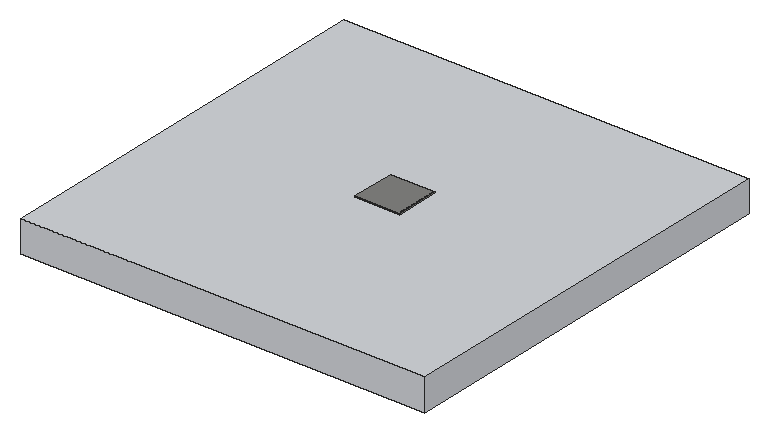
Revit family "Hydrant_Wall_Narrow-Zurn-Z1325-Encased Vari-Temp", category Plumbing Fixtures, host Face, Revit 2022
Family settings
  Host = Face
  Round Connector Dimension = Use Radius
  Part Type = Normal
  OmniClass Number = 23.65.70.14.11.11
  OmniClass Title = Security Drinking Fountains/Coolers
  Cut with Voids When Loaded = No
  Maintain Annotation Orientation = No
  Shared = No
  Room Calculation Point = No
Parameters (values of type "Load Family Type Catalog")
  Width = 10.500"  # constant formula
  Waste Connection = 1 = 0  # no
  Wall Thickness = 10.000"
  WFU = 0  # constant formula
  Vent Connection = 1 = 0  # no
  Vacuum Breaker = Brass - Zurn - Polished
  URL = "www.zurn.com"
  Type Comments = "Z1325 - 10 Inch Wall Hydrant with 1 Inch Male Inlet"
  Product data url = "https://www.zurn.com/products/drainage-interceptors/hydrants-and-water-hammer-arrestors/z1325"
  Product Page URL = "https://www.bimobject.com/en/zurnindustries/product/zurn-z1325"
  Product Installation Sheet URL = "https://files.zurn.com/care-cleaning-install-warranty-sheets/zmktg210-15_z1325_prop65.pdf"
  Product Documentation Link = "https://files.zurn.com/spec-sheets/z1325.pdf"
  Piping = Copper - Zurn - ASTM B88 Type L - Seamless Water Tube
  Modified Date = "10/10/2025"  # constant formula
  Model = "Z1325"  # constant formula
  Manufacturer Brand = "Zurn"  # constant formula
  Manufacturer = "Zurn Water, LLC"  # constant formula
  Housing = Bronze - Zurn - Polished
  Height = 10.500"  # constant formula
  HWFU = 1  # constant formula
  HW Connection = 1 = 1  # yes
  Female And Male Inlet Radius = 0.658"
  Description = "Wall Hydrant, Encased Vari-Temp, Non-Freeze"  # constant formula
  Default Elevation = 25.000"  # constant formula
  Date Created = "01/14/ 2021 "  # constant formula
  CWFU = 1  # constant formula
  CW Connection = 1 = 1  # yes
  Box and Cover = Bronze - Zurn - Polished Nickel
  Assembly Code = "D2020100"
  Female and Male Inlet Connector = 0.500"
  Approx.Wt. Lbs. = 31.000"
  3/4 Inch Hose Connection Radius = 0.375"  # constant formula
Reference planes (in)
  plane 1 "Center (Front/Back)": y = 0
  plane 2: z = -4.4375
  plane 3 "Center (Left/Right)": x = 0
  plane 4: x = -5.25
  plane 5: x = 5.25
  plane 6: y = 5.25
  plane 7: y = -5.25
  plane 8 "Face": z = -4.1875
  plane 9: z = -14.1875
  plane 10: z = -9.875
  plane 11: x = -0.688
  plane 12: x = 0.688
  plane 13 "Back Side": z = -7.875
  plane 14: z = -16.9375
  plane 15: x = 0.525
  plane 16: x = -0.525
  plane 17: z = -15.8125
  plane 18: x = -4.875
  plane 19: x = 4.875
  plane 20: y = 4.875
  plane 21: y = -4.875
  plane 22: y = -1.625
  plane 23 "Outlet plane": y = 0.375
  plane 24: y = 4.4375
  plane 25: x = -3.75
  plane 26: x = 3.75
  plane 27: y = 2.75
  plane 28: y = -4.5
  plane 29: x = -4.5
  plane 30: x = 4.5
  plane 31: z = -6.375
  plane 32: z = -5.6875
  plane 33 "Hot Water": x = -2
  plane 34 "Cold Water": x = 2
  plane 35: z = -5.625
  plane 36: y = -1.1
  plane 37: y = -2.15
  plane 38: y = -1.1
  plane 39: y = -2.15
  plane 40: x = 0.75
  plane 41: x = 2.90392
  plane 42: y = 1.033
  plane 43: y = -0.283
  plane 44: y = 1.033
  plane 45: y = -0.283
  plane 46: x = 1.342
  plane 47: x = 2.658
  plane 48: x = -2.658
  plane 49: x = -1.342
Forms (in)
  Extrusion 1, solid
    sketch origin (-0.75, -2.25, 0) x (1, 0, 0) y (0, 1, 0)
      loop
        line (-48, 48) -> (-48, -48) -> (48, -48) -> (48, 48) -> (-48, 48)
    from -4.4375 to -12
  Extrusion 2, solid, material "Bronze - Zurn - Polished Nickel" <- "Box and Cover", detail levels fine
    sketch origin (0, 0, 0) x (1, 0, 0) y (0, 1, 0)
      loop
        line (-5.25, 5.25) -> (-5.25, -5.25) -> (5.25, -5.25) -> (5.25, 5.25) -> (-5.25, 5.25)
    from -4.4375 to -4.1875
  Extrusion 3, solid, material "Bronze - Zurn - Polished Nickel" <- "Box and Cover", detail levels fine
    sketch origin (0, 0, 0) x (1, 0, 0) y (0, 1, 0)
      loop
        line (-4.875, 4.875) -> (-4.875, -4.875) -> (4.875, -4.875) -> (4.875, 4.875) -> (-4.875, 4.875)
    from -4.4375 to -7.875
  Extrusion 4, solid, material "Bronze - Zurn - Polished" <- "Housing", detail levels fine
    sketch origin (0, 0, 0) x (1, 0, 0) y (0, 1, 0)
      loop
        circle (-2, 0.375) r 0.6875
      loop
        circle (2, 0.375) r 0.6875
    from -6.375 to -9.875
  Extrusion 5, solid, material "Copper - Zurn - ASTM B88 Type L - Seamless Water Tube" <- "Piping", detail levels fine
    sketch origin (0, 0, 0) x (1, 0, 0) y (0, 1, 0)
      loop
        circle (-2, 0.375) r 0.5625
      loop
        circle (2, 0.375) r 0.5625
    from -9.875 to -14.1875
  Extrusion 6, solid, material "Bronze - Zurn - Polished" <- "Housing", detail levels fine
    sketch origin (0, 0, 0) x (1, 0, 0) y (0, 1, 0)
      loop
        circle (-2, 0.375) r 0.6875
      loop
        circle (2, 0.375) r 0.6875
    from -14.1875 to -15.8125
  Extrusion 7, solid, material "Bronze - Zurn - Polished" <- "Housing", detail levels fine
    sketch origin (0, 0, 0) x (1, 0, 0) y (0, 1, 0)
      loop
        circle (-2, 0.375) r 0.658
      loop
        circle (2, 0.375) r 0.658
    from -15.8125 to -16.9375
  Extrusion 8, solid, material "Bronze - Zurn - Polished" <- "Housing", detail levels fine
    sketch origin (0, 0, -4.1875) x (-1, 0, 0) y (0, -1, 0)
      loop
        circle (0, 1.625) r 0.525
    from -2.1875 to -1.4375
Cuts and joins
  joined: Extrusion 6, Extrusion 7
  joined: Extrusion 2, Extrusion 3
Lines and regions (in)
  Masking region 1, detail levels fine
    outline origin (0, 0.375, 0) x (-1, 0, 0) y (0, 0, 1)
      loop
        line (5.25, -4.1875) -> (-5.25, -4.1875) -> (-5.25, -4.4375) -> (-4.875, -4.4375) -> (-4.875, -7.875) -> (-2.84117, -7.875) -> (-2.84117, -9.875) -> (-2.6955, -9.875) -> (-2.6955, -14.1875) -> (-2.8205, -14.1875) -> (-2.8205, -15.8125) -> (-2.658, -15.8125) -> (-2.658, -16.9375) -> (-1.342, -16.9375) -> (-1.342, -15.8125) -> (-1.1795, -15.8125) -> (-1.1795, -14.1875) -> (-1.3045, -14.1875) -> (-1.3045, -9.875) -> (-1.15883, -9.875) -> (-1.15883, -7.875) -> (1.15883, -7.875) -> (1.15883, -9.875) -> (1.3045, -9.875) -> (1.3045, -14.1875) -> (1.1795, -14.1875) -> (1.1795, -15.8125) -> (1.342, -15.8125) -> (1.342, -16.9375) -> (2.658, -16.9375) -> (2.658, -15.8125) -> (2.8205, -15.8125) -> (2.8205, -14.1875) -> (2.6955, -14.1875) -> (2.6955, -9.875) -> (2.84117, -9.875) -> (2.84117, -7.875) -> (4.875, -7.875) -> (4.875, -4.4375) -> (5.25, -4.4375) -> (5.25, -4.1875)
  model lines, detail levels fine
    curve 1: line (0, -1.625, -5.6875) -> (0, -1.625, -6.375)
    curve 2: line (5.25, 5.25, -4.1875) -> (-5.25, 5.25, -4.1875)
  model lines, detail levels coarse+medium
    curve 3: line (5.25, 5.25, -4.1875) -> (-5.25, 5.25, -4.1875)
    curve 4: line (5.25, -5.25, -4.1875) -> (5.25, 5.25, -4.1875)
    curve 5: line (-5.25, -5.25, -4.1875) -> (5.25, -5.25, -4.1875)
    curve 6: line (-5.25, 5.25, -4.1875) -> (-5.25, -5.25, -4.1875)
    curve 7: line (-2, 0.375, -6.375) -> (2, 0.375, -6.375)
    curve 8: line (-2, 0.375, -6.375) -> (-2, 0.375, -16.9375)
    curve 9: line (2, 0.375, -6.375) -> (2, 0.375, -16.9375)
    curve 10: line (0, -1.1, -5.625) -> (0, -2.15, -5.625)
    curve 11: line (-0.525, -1.625, -5.625) -> (0.525, -1.625, -5.625)
    curve 12: line (0, -1.625, -5.625) -> (0, -1.625, -6.375)
    curve 13: line (0, 0.375, -6.375) -> (0, -1.625, -6.375)
    curve 14: line (-2, 1.033, -16.9375) -> (-2, -0.283, -16.9375)
    curve 15: line (2, 1.033, -16.9375) -> (2, -0.283, -16.9375)
    curve 16: line (1.342, 0.375, -16.9375) -> (2.658, 0.375, -16.9375)
    curve 17: line (-2.658, 0.375, -16.9375) -> (-1.342, 0.375, -16.9375)
Dimensions and locks (in)
  "Wall Thickness": plane 8 "Face" to plane 9
  equal spacing: plane 4, plane 3 "Center (Left/Right)", plane 5
  "Width": plane 4 to plane 5
  equal spacing: plane 6, plane 1 "Center (Front/Back)", plane 7
  "Height": plane 6 to plane 7
  locked: plane 9 to plane 14 at 2.75
  plane 15 to plane 3 "Center (Left/Right)" to plane 16 = 0.525", 0.525"
  locked: plane 9 to plane 17 at 1.625
  locked: plane 8 "Face" to plane 2 at 0.25
  locked: plane 2 to plane 13 "Back Side" at 3.4375
  locked: plane 13 "Back Side" to plane 10 at 2
  equal spacing: plane 18, plane 3 "Center (Left/Right)", plane 19
  plane 18 to plane 19 = 9.750"
  locked: plane 1 "Center (Front/Back)" to plane 20 at 4.875
  locked: plane 21 to plane 1 "Center (Front/Back)" at 4.875
  locked: plane 6 to plane 23 "Outlet plane" at 4.875
  locked: plane 6 to plane 24 at 0.8125
  locked: plane 4 to plane 25 at 1.5
  locked: plane 26 to plane 5 at 1.5
  locked: plane 24 to plane 27 at 1.6875
  locked: plane 28 to plane 7 at 0.75
  locked: cut or joined group of Extrusion 2, Extrusion 3 to plane 29 at 0.75
  locked: plane 30 to cut or joined group of Extrusion 2, Extrusion 3 at 0.75
  plane 13 "Back Side" to plane 31 to plane 32 = 1.500" locked, 0.6875" locked
  locked: plane 23 "Outlet plane" to plane 22 at 2
  plane 22 to plane 7 = 3.625"
  plane 33 "Hot Water" to plane 3 "Center (Left/Right)" to plane 34 "Cold Water" = 2.000" locked, 2.000" locked
  locked: plane 8 "Face" to plane 35 at 1.4375
  cut or joined group of Extrusion 2, Extrusion 3 to Extrusion 1 = 50.625"
  plane 36 to plane 22 = 0.525"
  plane 22 to plane 37 = 0.525"
  plane 38 to plane 22 = 0.525"
  plane 22 to plane 39 = 0.525"
  "Female And Male Inlet Radius": plane 42 to plane 23 "Outlet plane"
  "Female And Male Inlet Radius": plane 23 "Outlet plane" to plane 43
  "Female And Male Inlet Radius": plane 44 to plane 23 "Outlet plane"
  "Female And Male Inlet Radius": plane 23 "Outlet plane" to plane 45
  "Female And Male Inlet Radius": plane 46 to plane 34 "Cold Water"
  "Female And Male Inlet Radius": plane 34 "Cold Water" to plane 47
  "Female And Male Inlet Radius": plane 48 to plane 33 "Hot Water"
  "Female And Male Inlet Radius": plane 33 "Hot Water" to plane 49
  radius of Extrusion 4 sketch curve = 0.6875"  (x2)
  radius of Extrusion 5 sketch curve = 0.5625"
  radius of Extrusion 8 sketch curve = 0.525"
  radius of Extrusion 4 = 0.6875"
  "Female And Male Inlet Radius": radius of Extrusion 7 sketch curve  (x2)
  aligned and locked: plane 2 to Extrusion 1
  aligned and locked: Extrusion 2 sketch curve to plane 6
  aligned and locked: Extrusion 2 sketch curve to plane 4
  aligned and locked: Extrusion 2 sketch curve to plane 5
  aligned and locked: plane 7 to Extrusion 2 sketch curve
  aligned and locked: plane 8 "Face" to Extrusion 2
  aligned and locked: Extrusion 4 to plane 10
  aligned and locked: Extrusion 5 to plane 10
  aligned and locked: Extrusion 5 to plane 9
  aligned and locked: Extrusion 2 to plane 8 "Face"
  aligned and locked: plane 9 to Extrusion 6
  aligned and locked: Extrusion 6 to plane 17
  aligned and locked: Extrusion 7 to plane 17
  aligned and locked: Extrusion 7 to plane 14
  aligned and locked: Extrusion 3 to plane 13 "Back Side"
  aligned and locked: Extrusion 2 to plane 2
  aligned and locked: Extrusion 3 sketch curve to plane 21
  aligned and locked: plane 18 to Extrusion 3 sketch curve
  aligned and locked: Extrusion 3 sketch curve to plane 20
  aligned and locked: Extrusion 3 sketch curve to plane 19
  aligned and locked: plane 2 to Extrusion 3
  aligned and locked: cut or joined group of Extrusion 2, Extrusion 3 to plane 7
  aligned and locked: plane 23 "Outlet plane" to Extrusion 7 sketch curve  (x2)
  aligned and locked: plane 23 "Outlet plane" to Extrusion 5 sketch curve  (x2)
  aligned and locked: plane 23 "Outlet plane" to Extrusion 4 sketch curve  (x2)
  aligned and locked: plane 23 "Outlet plane" to Extrusion 6 sketch curve  (x2)
  aligned and locked: plane 22 to Extrusion 8 sketch curve
  aligned and locked: plane 3 "Center (Left/Right)" to Extrusion 8 sketch curve
  aligned and locked: plane 31 to Extrusion 8
  aligned and locked: curve 1 to plane 22
  aligned and locked: plane 33 "Hot Water" to Extrusion 5 sketch curve
  aligned and locked: plane 33 "Hot Water" to Extrusion 6 sketch curve
  aligned and locked: plane 33 "Hot Water" to Extrusion 7 sketch curve
  aligned and locked: plane 9 to cut or joined group of Extrusion 6, Extrusion 7
  aligned and locked: cut or joined group of Extrusion 6, Extrusion 7 to plane 17
  aligned and locked: cut or joined group of Extrusion 6, Extrusion 7 to plane 14
  aligned and locked: plane 34 "Cold Water" to Extrusion 4 sketch curve
  aligned and locked: plane 34 "Cold Water" to Extrusion 5 sketch curve
  aligned and locked: plane 34 "Cold Water" to Extrusion 6 sketch curve
  aligned and locked: plane 35 to Extrusion 8
  aligned and locked: Extrusion 4 to plane 31
  aligned and locked: plane 34 "Cold Water" to Extrusion 7 sketch curve
  aligned and locked: curve 3 to cut or joined group of Extrusion 2, Extrusion 3
  aligned and locked: curve 4 to cut or joined group of Extrusion 2, Extrusion 3
  aligned and locked: curve 5 to cut or joined group of Extrusion 2, Extrusion 3
  aligned and locked: curve 6 to cut or joined group of Extrusion 2, Extrusion 3
  aligned and locked: plane 33 "Hot Water" to curve 7
  aligned and locked: plane 34 "Cold Water" to curve 7
  aligned and locked: curve 7 to plane 23 "Outlet plane"
  aligned and locked: plane 31 to curve 8
  aligned and locked: plane 14 to curve 8
  aligned and locked: plane 23 "Outlet plane" to curve 8
  aligned and locked: plane 31 to curve 9
  aligned and locked: plane 14 to curve 9
  aligned and locked: plane 23 "Outlet plane" to curve 9
  aligned and locked: curve 10 to plane 3 "Center (Left/Right)"
  aligned and locked: plane 16 to curve 11
  aligned and locked: plane 15 to curve 11
  aligned and locked: curve 11 to plane 22
  aligned and locked: plane 39 to curve 10
  aligned and locked: plane 38 to curve 10
  aligned and locked: plane 23 "Outlet plane" to curve 13
  aligned and locked: plane 22 to curve 13
  aligned and locked: plane 31 to curve 13
  aligned and locked: plane 35 to curve 12
  aligned and locked: plane 31 to curve 12
  aligned and locked: plane 22 to curve 12
  aligned and locked: plane 42 to curve 14
  aligned and locked: plane 43 to curve 14
  aligned and locked: curve 14 to plane 33 "Hot Water"
  aligned and locked: plane 42 to curve 15
  aligned and locked: plane 43 to curve 15
  aligned and locked: curve 15 to plane 34 "Cold Water"
  aligned and locked: plane 46 to curve 16
  aligned and locked: plane 47 to curve 16
  aligned and locked: curve 16 to plane 23 "Outlet plane"
  aligned and locked: plane 48 to curve 17
  aligned and locked: plane 49 to curve 17
  aligned and locked: curve 17 to plane 23 "Outlet plane"
  aligned and locked: plane 17 to cut or joined group of Extrusion 6, Extrusion 7  (x5)
  aligned and locked: Masking region 1 sketch curve to cut or joined group of Extrusion 2, Extrusion 3  (x7)
  aligned and locked: Masking region 1 to plane 14  (x2)
  aligned and locked: Masking region 1 to plane 17  (x3)
  aligned and locked: plane 17 to Masking region 1
  aligned and locked: Masking region 1 to plane 46
  aligned and locked: plane 47 to Masking region 1
  aligned and locked: plane 49 to Masking region 1
  aligned and locked: Masking region 1 to plane 48
  aligned and locked: Masking region 1 to plane 9  (x2)
  aligned and locked: Masking region 1 to plane 10  (x3)
  aligned and locked: plane 10 to Masking region 1
  aligned and locked: cut or joined group of Extrusion 2, Extrusion 3 to plane 13 "Back Side"
  aligned and locked: Masking region 1 to plane 13 "Back Side"  (x2)
Automatic sketch dimensions
  Extrusion 1 sketch curve to Extrusion 1 sketch curve = 96.000"  (x2)
  plane 31 to curve 1 = 0.000"
  curve 1 to plane 32 = 0.000"
  Extrusion 4 sketch curve to plane 33 "Hot Water" = 0.000"
  Masking region 1 sketch curve to plane 13 "Back Side" = 0.000"  (x3)
  plane 10 to Masking region 1 sketch curve = 0.000"  (x2)
  Masking region 1 sketch curve to plane 17 = 0.000"  (x4)
  Masking region 1 sketch curve to plane 9 = 0.000"  (x4)
  Masking region 1 sketch curve to plane 14 = 0.000"  (x2)
  Masking region 1 sketch curve to plane 47 = 0.000"
  Masking region 1 sketch curve to plane 46 = 0.000"
  Masking region 1 sketch curve to plane 10 = 0.000"  (x2)
  Masking region 1 sketch curve to plane 49 = 0.000"
  Masking region 1 sketch curve to plane 48 = 0.000"
  plane 47 to Masking region 1 sketch curve = 0.1625"
  plane 47 to Masking region 1 sketch curve = 0.0375"
  Masking region 1 sketch curve to plane 46 = 0.0375"
  Masking region 1 sketch curve to Masking region 1 sketch curve = 0.125"  (x2)
  plane 49 to Masking region 1 sketch curve = 0.1625"
  plane 49 to Masking region 1 sketch curve = 0.0375"
  Masking region 1 sketch curve to plane 48 = 0.0375"
  Masking region 1 sketch curve to Masking region 1 sketch curve = 0.14567"  (x2)
  plane 49 to Masking region 1 sketch curve = 0.18317"
  plane 47 to Masking region 1 sketch curve = 0.18317"
  radius of Extrusion 5 sketch curve = 0.5625"
  radius of Extrusion 6 sketch curve = 0.6875"  (x2)
Connectors (in)
  piping at (-2, 0.375, -16.9375), diameter 1, driven by "Female and Male Inlet Connector", driven by "HW Connection"
    settings: on cut or joined group of Extrusion 6, Extrusion 7, index 1, connector inside diameter 3/4", connector length 0.000", flow factor 0, pipe flow 0 GPM, pressure drop 0.00 psi, fitting loss kfactor 0, connector angle 0.00°, fixture units 0, engagement length 0.000", angle of deflection 0.00°, flow configuration 0, flow direction 1, fitting loss method 0, system type 19, joint type 0, gender type 0, connector reference index -1, connector utility 1, adjustable connector no, is connector primary yes, connector description "Hot Water Inlet"
  piping at (0, -1.625, -5.625), diameter 0.75, driven by "CW Connection", driven by "3/4 Inch Hose Connection Radius"
    settings: on Extrusion 8, index 2, connector inside diameter 24", connector length 0.000", flow factor 0, pipe flow 0 GPM, pressure drop 0.00 psi, fitting loss kfactor 0, connector angle 0.00°, fixture units 0, engagement length 0.000", angle of deflection 0.00°, flow configuration 0, flow direction 2, fitting loss method 0, system type 20, joint type 0, gender type 0, connector reference index -1, connector utility 1, adjustable connector no, is connector primary no, connector description "Outlet"
  piping at (2, 0.375, -16.9375), diameter 1, driven by "Female and Male Inlet Connector", driven by "CW Connection"
    settings: on cut or joined group of Extrusion 6, Extrusion 7, index 3, connector inside diameter 24", connector length 0.000", flow factor 0, pipe flow 0 GPM, pressure drop 0.00 psi, fitting loss kfactor 0, connector angle 0.00°, fixture units 0, engagement length 0.000", angle of deflection 0.00°, flow configuration 0, flow direction 1, fitting loss method 0, system type 20, joint type 0, gender type 0, connector reference index -1, connector utility 1, adjustable connector no, is connector primary no, connector description "Cold Water Inlet"
Types in the file's own list only (16): name | Width | Wall Thickness | Type Comments | Height | Female And Male Inlet Radius | Default Elevation | Date Created | Female and Male Inlet Connector | Approx.Wt. Lbs. | 3/4 Inch Hose Connection Radius
  Z1325 - 6" Wall Hydrant w/ 3/4" Female Inlet | 10.500 " | 6.000 " | "Z1325 - 6 Inch Wall Hydrant with 3/4 Inch Female Inlet" | 10.500 " | 0.525 " | 25.000 " | "01/14/ 2021" | 0.375 " | 27.000 " | 0.375 "
  Z1325 - 6" Wall Hydrant w/ 1" Male Inlet | 10.500 " | 6.000 " | "Z1325 - 6 Inch Wall Hydrant with 1 Inch Male Inlet" | 10.500 " | 0.658 " | 25.000 " | "01/14/ 2021" | 0.500 " | 27.000 " | 0.375 "
  Z1325 - 8" Wall Hydrant w/ 3/4" Female Inlet | 10.500 " | 8.000 " | "Z1325 - 8 Inch Wall Hydrant with 3/4 Inch Female Inlet" | 10.500 " | 0.525 " | 25.000 " | "01/14/ 2021" | 0.375 " | 27.000 " | 0.375 "
  Z1325 - 8" Wall Hydrant w/ 1" Male Inlet | 10.500 " | 8.000 " | "Z1325 - 8 Inch Wall Hydrant with 1 Inch Male Inlet" | 10.500 " | 0.658 " | 25.000 " | "01/14/ 2021" | 0.500 " | 27.000 " | 0.375 "
  Z1325 - 10" Wall Hydrant w/ 3/4" Female Inlet | 10.500 " | 10.000 " | "Z1325 - 10 Inch Wall Hydrant with 3/4 Inch Female Inlet" | 10.500 " | 0.525 " | 25.000 " | "01/14/ 2021" | 0.375 " | 31.000 " | 0.375 "
  Z1325 - 10" Wall Hydrant w/ 1" Male Inlet | 10.500 " | 10.000 " | "Z1325 - 10 Inch Wall Hydrant with 1 Inch Male Inlet" | 10.500 " | 0.658 " | 25.000 " | "01/14/ 2021" | 0.500 " | 31.000 " | 0.375 "
  Z1325 - 12" Wall Hydrant w/ 3/4" Female Inlet | 10.500 " | 12.000 " | "Z1325 - 12 Inch Wall Hydrant with 3/4 Inch Female Inlet" | 10.500 " | 0.525 " | 25.000 " | "01/14/ 2021" | 0.375 " | 31.000 " | 0.375 "
  Z1325 - 12" Wall Hydrant w/ 1" Male Inlet | 10.500 " | 12.000 " | "Z1325 - 12 Inch Wall Hydrant with 1 Inch Male Inlet" | 10.500 " | 0.658 " | 25.000 " | "01/14/ 2021" | 0.500 " | 31.000 " | 0.375 "
  Z1325 - 14" Wall Hydrant w/ 3/4" Female Inlet | 10.500 " | 14.000 " | "Z1325 - 14 Inch Wall Hydrant with 3/4 Inch Female Inlet" | 10.500 " | 0.525 " | 25.000 " | "01/14/ 2021" | 0.375 " | 31.000 " | 0.375 "
  Z1325 - 14" Wall Hydrant w/ 1" Male Inlet | 10.500 " | 14.000 " | "Z1325 - 14 Inch Wall Hydrant with 1 Inch Male Inlet" | 10.500 " | 0.658 " | 25.000 " | "01/14/ 2021" | 0.500 " | 31.000 " | 0.375 "
  Z1325 - 16" Wall Hydrant w/ 3/4" Female Inlet | 10.500 " | 16.000 " | "Z1325 - 16 Inch Wall Hydrant with 3/4 Inch Female Inlet" | 10.500 " | 0.525 " | 25.000 " | "01/14/ 2021" | 0.375 " | 35.000 " | 0.375 "
  Z1325 - 16" Wall Hydrant w/ 1" Male Inlet | 10.500 " | 16.000 " | "Z1325 - 16 Inch Wall Hydrant with 1 Inch Male Inlet" | 10.500 " | 0.658 " | 25.000 " | "01/14/ 2021" | 0.500 " | 35.000 " | 0.375 "
  Z1325 - 18" Wall Hydrant w/ 3/4" Female Inlet | 10.500 " | 18.000 " | "Z1325 - 18 Inch Wall Hydrant with 3/4 Inch Female Inlet" | 10.500 " | 0.525 " | 25.000 " | "01/14/ 2021" | 0.375 " | 35.000 " | 0.375 "
  Z1325 - 18" Wall Hydrant w/ 1" Male Inlet | 10.500 " | 18.000 " | "Z1325 - 18 Inch Wall Hydrant with 1 Inch Male Inlet" | 10.500 " | 0.658 " | 25.000 " | "01/14/ 2021" | 0.500 " | 35.000 " | 0.375 "
  Z1325 - 24" Wall Hydrant w/ 3/4" Female Inlet | 10.500 " | 24.000 " | "Z1325 - 24 Inch Wall Hydrant with 3/4 Inch Female Inlet" | 10.500 " | 0.525 " | 25.000 " | "01/14/ 2021" | 0.375 " | 39.000 " | 0.375 "
  Z1325 - 24" Wall Hydrant w/ 1" Male Inlet | 10.500 " | 24.000 " | "Z1325 - 24 Inch Wall Hydrant with 1 Inch Male Inlet" | 10.500 " | 0.658 " | 25.000 " | "01/14/ 2021" | 0.500 " | 39.000 " | 0.375 "
